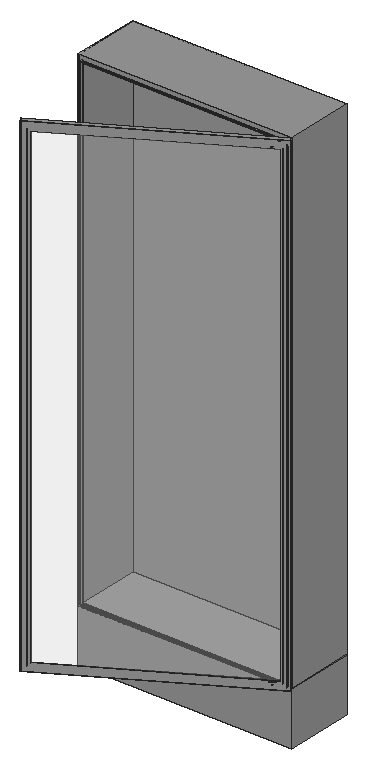
Revit family "Hager-Univers-IP55-D275-H2050-Cl.I-Steel_encl-NoHosted-CH-fr", category Electrical Equipment, Revit 2020
Family settings
  Panel Configuration = Two Columns, Circuits Across
  Round Connector Dimension = Use Diameter
  Part Type = Panelboard
  Work Plane-Based = Yes
  Always vertical = Yes
  Cut with Voids When Loaded = No
  Shared = No
  Room Calculation Point = No
Parameters (values of type "installation au sol IP55 L800 H2050 P275  - FR23K2")
  Width Control [instance] = if([EF000008 - largeur] > Min Width, [EF000008 - largeur], Min Width)  # 800 mm
  Type Comments = [HG000003 - Gamme]  # "Univers"
  Thickness Door [instance] = if([EF009171 - épaisseur de matériau de la porte/du couvercle] > 3 mm, 3 mm, [EF009171 - épaisseur de matériau de la porte/du couvercle])  # 1.5 mm
  Seal Frame Offset [instance] = 17 mm  # constant formula
  Plinth Visibility [instance] = [HG000027 - Hauteur du socle] > 0 mm  # yes
  Min Width [instance] = 100 mm  # constant formula
  Min Depth [instance] = (2 * [EF009170 - épaisseur de matériau du boîtier]) + 1 mm  # 4 mm
  Min Height [instance] = 100 mm  # constant formula
  Internal Frame Depth [instance] = (Door System Depth * 0.5)  # 9 mm
  Panel Name [instance] = ""  # (empty or 0)
  Model = ""
  HG000027 - Hauteur du socle = 200 mm
  HG000026 - Installation au sol = yes
  HG000024 - Hauteur de la section basse = 600 mm
  HG000023 - Armoire double section = no
  HG000016 - Visibilité de la porte 3D [instance] = yes
  HG000015 - Visibilité de l'emprise de la porte [instance] = no
  HG000014 - Porte à droite [instance] = yes
  HG000013 - Porte à gauche [instance] = not([HG000014 - Porte à droite])  # no
  HG000012 - Angle de pivotement de la porte [instance] = 30.00°
  HG000010 - Portes asymétriques = no
  HG000009 - Porte à double battant = no
  HG000006 - Encastré = no
  HG000004 - Référence fabricant = "FR23K2"
  HG000003 - Gamme = "Univers"
  HG000002 - avec porte = yes
  Frame Offset Bottom [instance] = 10 mm  # constant formula
  Frame Offset [instance] = 15 mm  # constant formula
  EF015940 - couvercle avec décharge de pression = no
  EF011959 - degré de protection (NEMA) = ""
  EF009554 - nombre d'ouvertures pour plaques à bride = 6
  EF009212 - finition du couvercle = "EV000116 - fermé"
  EF009171 - épaisseur de matériau de la porte/du couvercle = 1.5 mm
  EF009170 - épaisseur de matériau du boîtier = 1.5 mm
  EF008873 - courant nominal (In) = 800 A
  EF007800 - adapté à un parafoudre = no
  EF006306 - avec serrure = no
  EF006244 - couvercle/porte transparent(e) = yes
  EF005474 - indice de protection (IP) = "EV006420 - IP55"
  EF004464 - type de porte = "EV002646 - unique"
  EF004427 - nombre de modules = 432
  EF004293 - indice de protection contre les chocs (IK) = "EV008784 - IK10"
  EF003532 - convient pour utilisation à l’extérieur = no
  EF002950 - largeur en nombre de modules = 24
  EF001613 - maintien de fonction = "EV000494 - sans"
  EF001596 - matériau du boîtier/corps = "EV000179 - acier"
  EF001131 - profondeur intérieure = 275 mm
  EF001088 - possibilité de montage en saillie = yes
  EF000437 - nombre d'entrées de conduit = 6
  EF000339 - type de capot = "EV004216 - porte"
  EF000266 - nombre de rangées = 12
  EF000218 - profondeur d'encastrement = 0 mm
  EF000118 - avec cadre/support de montage = no
  EF000116 - numéro RAL = "7035"
  EF000049 - profondeur = 275 mm
  EF000040 - hauteur = 2050 mm
  EF000008 - largeur = 800 mm
  EF000007 - couleur = "EV000270 - gris"
  EF000003 - mode de pose = "EV012274 - installation au sol"
  Door System Leaf Tolerance [instance] = 1.5 mm  # constant formula
  Door System Depth [instance] = 18 mm  # constant formula
  Door Height [instance] = Height Control - [HG000027 - Hauteur du socle]  # 1850 mm
  Description = ""
  Default Elevation = 1219.2 mm
  Connector Offset [instance] = Height Control / 2  # 1025 mm
  Manufacturer = "Hager"  # constant formula
  Height Control [instance] = if([EF000040 - hauteur] > Min Height, [EF000040 - hauteur], Min Height)  # 2050 mm
  Depth Control [instance] = if([EF000049 - profondeur] > Min Depth, [EF000049 - profondeur], Min Depth)  # 275 mm
  Bottom Top Plate Trim [instance] = 1.5 mm  # constant formula
  Plinth height Ctrl [instance] = if([HG000027 - Hauteur du socle] > 0 mm, [HG000027 - Hauteur du socle], 12 mm)  # 200 mm
Types (11, lengths in mm): name | Width Control | HG000010 - Portes asymétriques | HG000009 - Porte à double battant | HG000004 - Référence fabricant | EF009554 - nombre d'ouvertures pour plaques à bride | EF006244 - couvercle/porte transparent(e) | EF004464 - type de porte | EF004427 - nombre de modules | EF000437 - nombre d'entrées de conduit | EF000008 - largeur
  installation au sol IP55 L1050 H2050 P275  - FR24E2 | 1050 | yes | yes | "FR24E2" | 8 | no | "EV003602 - double" | 576 | 8 | 1050
  installation au sol IP55 L1050 H2050 P275  - FR24K2 | 1050 | yes | yes | "FR24K2" | 8 | yes | "EV003602 - double" | 576 | 8 | 1050
  installation au sol IP55 L1300 H2050 P275  - FR25E2 | 1300 | yes | yes | "FR25E2" | 10 | no | "EV003602 - double" | 720 | 10 | 1300
  installation au sol IP55 L1300 H2050 P275  - FR25K2 | 1300 | yes | yes | "FR25K2" | 10 | yes | "EV003602 - double" | 720 | 10 | 1300
  installation au sol IP55 L1550 H2050 P275  - FR26E2 | 1550 | yes | yes | "FR26E2" | 12 | no | "EV003602 - double" | 864 | 12 | 1550
  installation au sol IP55 L1550 H2050 P275  - FR26K2 | 1550 | yes | yes | "FR26K2" | 12 | yes | "EV003602 - double" | 864 | 12 | 1550
  installation au sol IP55 L300 H2050 P275  - FR21E2 | 300 | no | no | "FR21E2" | 2 | no | "EV002646 - unique" | 144 | 2 | 300
  installation au sol IP55 L550 H2050 P275  - FR22E2 | 550 | no | no | "FR22E2" | 4 | no | "EV002646 - unique" | 288 | 4 | 550
  installation au sol IP55 L550 H2050 P275  - FR22K2 | 550 | no | no | "FR22K2" | 4 | yes | "EV002646 - unique" | 288 | 4 | 550
  installation au sol IP55 L800 H2050 P275  - FR23E2 | 800 | no | no | "FR23E2" | 6 | no | "EV002646 - unique" | 432 | 6 | 800
  installation au sol IP55 L800 H2050 P275  - FR23K2 | 800 | no | no | "FR23K2" | 6 | yes | "EV002646 - unique" | 432 | 6 | 800
Reference planes
  plane 1 "Center (Front/Back)": y = 0
  plane 2: z = 0
  plane 3 "Center (Left/Right)": x = 0
  plane 4: y = 0
  plane 5: y = 0
  plane 6: z = 0
  plane 7: x = -400
  plane 8: x = 400
  plane 9: x = 398.5
  plane 10: x = -398.5
  plane 11: z = 200
  plane 12: z = 201.5
  plane 13: y = -275
  plane 14: y = -1.5
  plane 15: x = 0
  plane 16: y = -257
  plane 17: y = -273.5
  plane 18: y = -255.5
  plane 19: x = -383.5
  plane 20: x = 383.5
  plane 21: z = 211.5
  plane 22: x = -383
  plane 23: x = 383
  plane 24: z = 200
  plane 25: z = 2050
  plane 26: z = 2050
  plane 27: z = 2033.5
  plane 28: z = 2048.5
Forms (mm)
  Extrusion 1, solid, material "Hager_Steel_RAL7035_Light_Grey", detail levels medium+fine
    sketch origin (-208.679, -4572, 200) x (-1, 0, 0) y (0, -1, 0)
      loop
        line (191.321, -4315) -> (-608.679, -4315) -> (-608.679, -4572) -> (191.321, -4572) -> (191.321, -4315)
    from 0 to 1850
  Extrusion 2, void
    sketch origin (-350.771, -275, 1219.2) x (1, 0, 0) y (0, 0, 1)
      loop
        line (-47.729, 829.3) -> (-47.729, -1017.7) -> (749.271, -1017.7) -> (749.271, 829.3) -> (-47.729, 829.3)
    from -19.5 to -273.5
  Extrusion 3, void
    sketch origin (-290.084, -257, 1219.2) x (1, 0, 0) y (0, 0, 1)
      loop
        line (-93.416, -1007.7) -> (673.584, -1007.7) -> (673.584, 814.3) -> (-93.416, 814.3) -> (-93.416, -1007.7)
    from 0 to -1.5
  Extrusion 4, solid, material "Hager_Steel_RAL7035_Light_Grey", visible <- "Plinth Visibility", detail levels medium+fine
    sketch origin (0, 0, 0) x (1, 0, 0) y (0, 1, 0)
      loop
        line (-400, 0) -> (-400, -257) -> (400, -257) -> (400, 0) -> (-400, 0)
    from 0 to 200 <- "Plinth height Ctrl"
  Extrusion 5, solid, material "Hager_Steel_RAL7035_Light_Grey", detail levels coarse
    sketch origin (0, 0, 0) x (1, 0, 0) y (0, 1, 0)
      loop
        line (-400, 0) -> (-400, -275) -> (400, -275) -> (400, 0) -> (-400, 0)
    from 0 to 2050 <- "Height Control"
  Sweep 6, void
    path in 3D
      loop
        line (-400, -257, 200) -> (400, -257, 200) -> (400, 0, 200) -> (-400, 0, 200) -> (-400, -257, 200)
    profile origin (-400, -128.5, 200) x (1, 0, 0) y (0, 0, 1)
      loop
        line (0, 0) -> (0, -1.5) -> (1.5, -1.5)
        arc (1.5, -1.5) -> (1.061, -0.439) -> (0, 0) r 1.5
  Extrusion 7, solid, material "Hager_Steel_RAL7035_Light_Grey", detail levels fine
    sketch origin (-400, -257, 200) x (1, 0, 0) y (0, 0, 1)
      loop
        line (16.5, 11.5) -> (783.5, 11.5) -> (783.5, 1833.5) -> (16.5, 1833.5) -> (16.5, 11.5)
      loop
        line (15, 10) -> (785, 10) -> (785, 1835) -> (15, 1835) -> (15, 10)
    from 0 to 9 <- "Internal Frame Depth"
Cuts and joins
  Extrusion 2, Extrusion 3 cuts Extrusion 1
  Sweep 6 cuts Extrusion 4
Lines and regions (mm)
  Masking region 1
    outline origin (0, 0, 0) x (1, 0, 0) y (0, 1, 0)
      loop
        line (-400, 0) -> (-400, -275) -> (400, -275) -> (400, 0) -> (-400, 0)
  Masking region 2, detail levels coarse
    outline origin (-290.084, -257, 1219.2) x (-1, 0, 0) y (0, 0, 1)
      loop
        line (-690.084, -1219.2) -> (109.916, -1219.2) -> (109.916, 830.8) -> (-690.084, 830.8) -> (-690.084, -1219.2)
  Masking region 3, detail levels coarse
    outline origin (0, 0, 0) x (0, 1, 0) y (0, 0, 1)
      loop
        line (0, 0) -> (0, 2050) -> (-275, 2050) -> (-275, 0) -> (0, 0)
  Masking region 4, visible <- "Plinth Visibility", detail levels medium+fine
    outline origin (0, 0, 0) x (0, 1, 0) y (0, 0, 1)
      loop
        line (-1.5, 200) -> (-255.5, 200)
        arc (-255.5, 200) -> (-255.939, 198.939) -> (-257, 198.5) r 1.5
        line (-257, 198.5) -> (-257, 0) -> (0, 0) -> (0, 198.5)
        arc (0, 198.5) -> (-1.061, 198.939) -> (-1.5, 200) r 1.5
  Masking region 5, detail levels medium+fine
    outline origin (0, 0, 594.038) x (0, 1, 0) y (0, 0, 1)
      loop
        line (0, -394.038) -> (0, 1455.962) -> (-257, 1455.962) -> (-257, -394.038) -> (0, -394.038)
  Masking region 6, detail levels medium+fine
    outline origin (-359.7, -257, 1211.883) x (-1, 0, 0) y (0, 0, 1)
      loop
        line (-759.7, -1011.883) -> (40.3, -1011.883) -> (40.3, 838.117) -> (-759.7, 838.117) -> (-759.7, -1011.883)
  Masking region 7, visible <- "Plinth Visibility", detail levels medium+fine
    outline origin (-320.334, -257, 1041.368) x (-1, 0, 0) y (0, 0, 1)
      loop
        line (-720.334, -1041.368) -> (79.666, -1041.368) -> (79.666, -842.868)
        arc (79.666, -842.868) -> (78.606, -842.429) -> (78.166, -841.368) r 1.5
        line (78.166, -841.368) -> (-718.834, -841.368)
        arc (-718.834, -841.368) -> (-719.273, -842.429) -> (-720.334, -842.868) r 1.5
        line (-720.334, -842.868) -> (-720.334, -1041.368)
  sketch lines
    curve 1: line (-400, 0, 200) -> (-400, -257, 200)
    curve 2: line (-400, -257, 200) -> (400, -257, 200)
    curve 3: line (400, 0, 200) -> (-400, 0, 200)
    curve 4: line (400, -257, 200) -> (400, 0, 200)
Dimensions and locks
  locked: plane 1 "Center (Front/Back)" to plane 5
  "EF009170 - épaisseur de matériau du boîtier": plane 7 to plane 10
  "EF009170 - épaisseur de matériau du boîtier": plane 8 to plane 9
  equal spacing: plane 7, plane 3 "Center (Left/Right)", plane 8
  "Width Control": plane 7 to plane 8
  "Depth Control": plane 4 to plane 13
  "EF009170 - épaisseur de matériau du boîtier": plane 4 to plane 14
  "Height Control": plane 25 to level
  "HG000027 - Hauteur du socle": plane 11 to level
  "EF009170 - épaisseur de matériau du boîtier": plane 12 to plane 11
  "EF009170 - épaisseur de matériau du boîtier": plane 17 to plane 13
  "EF009170 - épaisseur de matériau du boîtier": plane 18 to plane 16
  "Frame Offset Bottom": plane 21 to plane 12
  "Frame Offset": plane 10 to plane 19
  "Frame Offset": plane 9 to plane 20
  "Door System Depth": plane 16 to plane 13
  "Seal Frame Offset": plane 7 to plane 22
  "Seal Frame Offset": plane 8 to plane 23
  "EF009170 - épaisseur de matériau du boîtier": plane 26 to plane 28
  "Frame Offset": plane 28 to plane 27
  "Connector Offset": plane 2 to connector elem
  "Bottom Top Plate Trim": profile plane to Sweep 6 sketch curve
  "Bottom Top Plate Trim": Sweep 6 sketch curve to Sweep 6 sketch curve
  "Plinth height Ctrl": Masking region 4 sketch curve to level
  "Plinth height Ctrl": Masking region 7 sketch curve to level
  "Thickness Door": Extrusion 7 sketch curve to Extrusion 7 sketch curve  (x4)
  "Bottom Top Plate Trim": radius of Sweep 6 sketch curve
  "Bottom Top Plate Trim": radius of Masking region 4 sketch curve  (x2)
  "Bottom Top Plate Trim": radius of Masking region 7 sketch curve  (x2)
  aligned and locked: Extrusion 2 sketch curve to plane 12
  aligned and locked: Extrusion 2 sketch curve to plane 9
  aligned and locked: Extrusion 2 sketch curve to plane 10
  aligned and locked: Extrusion 2 to plane 14
  aligned and locked: Extrusion 1 sketch curve to plane 4
  aligned and locked: plane 8 to Extrusion 1 sketch curve
  aligned and locked: plane 7 to Extrusion 1 sketch curve
  aligned and locked: Extrusion 2 to plane 18
  aligned and locked: Extrusion 3 sketch curve to plane 19
  aligned and locked: plane 20 to Extrusion 3 sketch curve
  aligned and locked: Extrusion 3 to Extrusion 2
  aligned and locked: Extrusion 3 sketch curve to plane 21
  aligned and locked: plane 3 "Center (Left/Right)" to nested 1
  aligned and locked: Extrusion 1 sketch curve to plane 16
  aligned and locked: Extrusion 4 sketch curve to cut or joined group of Extrusion 1, Extrusion 2, Extrusion 3
  aligned and locked: Masking region 1 sketch curve to plane 7
  aligned and locked: Masking region 1 sketch curve to plane 5
  aligned and locked: Masking region 1 sketch curve to plane 8
  aligned and locked: Masking region 2 sketch curve to level
  aligned and locked: level to Masking region 3 sketch curve
  aligned and locked: plane 1 "Center (Front/Back)" to Masking region 3 sketch curve
  aligned and locked: plane 13 to Masking region 3 sketch curve
  aligned and locked: plane 5 to Masking region 4 sketch curve
  aligned and locked: Masking region 2 sketch curve to plane 8
  aligned and locked: Masking region 2 sketch curve to plane 7
  aligned and locked: plane 7 to nested 2
  aligned and locked: nested 2 to plane 5
  aligned and locked: plane 5 to Masking region 5 sketch curve
  aligned and locked: plane 26 to Masking region 5 sketch curve
  aligned and locked: Extrusion 5 sketch curve to plane 8
  aligned and locked: Extrusion 5 sketch curve to plane 7
  aligned and locked: Extrusion 5 sketch curve to plane 5
  aligned and locked: Extrusion 3 sketch curve to plane 27
  aligned and locked: Extrusion 2 sketch curve to plane 28
  aligned and locked: Masking region 2 to plane 25
  aligned and locked: Extrusion 4 to plane 16
  aligned and locked: profile plane to Sweep 6 sketch curve
  aligned and locked: Masking region 5 sketch curve to plane 24
  aligned and locked: level to Masking region 4 sketch curve
  aligned and locked: Masking region 1 to plane 13
  aligned and locked: nested 1 to plane 16
  aligned and locked: Masking region 3 to plane 25
  aligned and locked: plane 16 to Masking region 4 sketch curve
  aligned and locked: Masking region 5 sketch curve to plane 16
  aligned and locked: plane 24 to plane 11
  aligned and locked: plane 26 to plane 25
  aligned and locked: plane 26 to cut or joined group of Extrusion 1, Extrusion 2, Extrusion 3
  aligned and locked: nested 1 to plane 24
  aligned and locked: Extrusion 1 to Extrusion 3
  aligned and locked: Masking region 6 sketch curve to plane 8
  aligned and locked: Masking region 6 sketch curve to plane 24
  aligned and locked: Masking region 6 sketch curve to plane 7
  aligned and locked: Masking region 6 sketch curve to plane 26
  aligned and locked: Masking region 7 sketch curve to plane 7
  aligned and locked: level to Masking region 7 sketch curve
  aligned and locked: Masking region 7 sketch curve to plane 8
  aligned and locked: Extrusion 7 sketch curve to cut or joined group of Extrusion 1, Extrusion 2, Extrusion 3  (x4)
Automatic sketch dimensions
  plane 19 to Extrusion 3 sketch curve = 0 mm
  Extrusion 3 sketch curve to plane 20 = 0 mm
  Extrusion 3 sketch curve to plane 21 = 0 mm
  Extrusion 4 sketch curve to plane 7 = 0 mm
  Extrusion 4 sketch curve to plane 8 = 0 mm
  Extrusion 4 sketch curve to plane 16 = 0 mm
  Masking region 1 sketch curve to plane 13 = 0 mm
  Masking region 2 sketch curve to plane 25 = 0 mm
  Masking region 3 sketch curve to plane 25 = 0 mm
  Extrusion 5 sketch curve to plane 13 = 0 mm
  profile plane to Sweep 6 sketch curve = 0 mm
Nested families
  nested 1: "EC000058_Univers_Door" at (0, -257, 200), Double <- "HG000009 - Porte à double battant", Transparent <- "EF006244 - couvercle/porte transparent(e)", Angle <- "HG000012 - Angle de pivotement de la porte", Door_Right <- "HG000014 - Porte à droite", Assymetrical <- "HG000010 - Portes asymétriques", Door <- "HG000002 - avec porte", Width_Ctrl <- "Width Control", 3d_Door <- "HG000016 - Visibilité de la porte 3D", Clearance <- "HG000015 - Visibilité de l'emprise de la porte", Door_Left <- "HG000013 - Porte à gauche", Width <- "Width Control", Door_Depth <- "Door System Depth", Leaf_Tolerance <- "Door System Leaf Tolerance", Height <- "Door Height", Lock_Visibility <- "EF006306 - avec serrure", Thickness <- "Thickness Door", type "EC000058_Univers_Door", detail levels medium+fine
    with min_wh 4 mm, Width_Ctrl 800 mm, Width 800 mm, Transparent yes, Thickness 1.5 mm, Seal_Material Hager_Rubber, Lock_Visibility no, Lock_Material Hager_Plastic_RAL9005_Jet_Black, Leaf_Width 800 mm, Leaf_Tolerance_External_Sides 0 mm, Leaf_Tolerance 1.5 mm, Leaf_Offset 0 mm, Leaf_Height 1847 mm, Leaf_2_Width 800 mm, Leaf_2_Offset 400 mm, Leaf_1_Width 800 mm, Leaf_1_Offset 400 mm, Height_Ctrl 1850 mm, Height 1850 mm, Glass_Material Hager_Glass, Double_Clearance_Ctrl no, Double no, Door_Right_Ctrl yes, Door_Right yes, Door_Material Hager_Steel_RAL7035_Light_Grey, Door_Left_Ctrl no, Door_Left no, Door_Depth 18 mm, Door yes, Clearance_Material Hager_Clearance, Clearance_Depth 800 mm, Clearance_Ctrl no, Clearance no, Assymetrical no, Angle 30.00°, 3d_Door yes
  nested 2: "Hager_Enclosure_Symbol" at (-400, 0, 0), Height <- "Depth Control", Width <- "Width Control", type "Hager_Enclosure_Symbol"
    with Width_Ctrl 800 mm, Width 800 mm, Height_Ctrl 275 mm, Height 275 mm, A_Width_Int 18.047 mm, A_Width 216.562 mm, A_Height_Ctrl 240.625 mm, A_Height 240.625 mm
Connectors
  electrical at (0, 0, 1025)
    settings: on plane 1 "Center (Front/Back)", index 1, voltage 0 V, apparent load 0 VA, apparent load phase1 0 VA, apparent load phase2 0 VA, apparent load phase3 0 VA, power factor 1, load classification "Other", number of poles 1, system type 30, power factor state 1, is connector primary yes, connector utility no, sub classification motor no, connector description ""
Definition of nested family "EC000058_Univers_Door"
  Parameters (values of type "EC000058_Univers_Door")
    min_wh [instance] = (2 * Thickness) + 1 mm  # 11 mm
    Width_Ctrl [instance] = 400 mm
    Width [instance] = 500 mm
    Transparent [instance] = yes
    Thickness [instance] = 5 mm
    Seal_Material [instance] = none
    Lock_Visibility [instance] = yes
    Lock_Material [instance] = none
    Leaf_Width [instance] = if((Width_Ctrl - 2 * Leaf_Tolerance_External_Sides) > 0 mm, (Width_Ctrl - 2 * Leaf_Tolerance_External_Sides), min_wh)  # 400 mm
    Leaf_Tolerance_External_Sides [instance] = 0 mm  # constant formula
    Leaf_Tolerance [instance] = 1.5 mm
    Leaf_Offset [instance] = 0 mm  # constant formula
    Leaf_Height [instance] = if((Height_Ctrl - 2 * Leaf_Tolerance) > 0 mm, (Height_Ctrl - 2 * Leaf_Tolerance), min_wh)  # 497 mm
    Leaf_2_Width [instance] = if(and(and(Double, Assymetrical), Door_Left), (Leaf_Width / 3) - (Leaf_Tolerance / 2), if(and(and(Double, Assymetrical), Door_Right), (Leaf_Width / 3) * 2 - (Leaf_Tolerance / 2), if(and(Double, not(Assymetrical)), (Leaf_Width / 2) - Leaf_Tolerance, Leaf_Width)))  # 400 mm
    Leaf_2_Offset [instance] = if(and(Double, Assymetrical), Leaf_2_Width / 2, if(and(Double, not(Assymetrical)), Leaf_Width / 4, Leaf_Width / 2))  # 200 mm
    Leaf_1_Width [instance] = if(and(and(Double, Assymetrical), Door_Right), (Leaf_Width / 3) - (Leaf_Tolerance / 2), if(and(and(Double, Assymetrical), Door_Left), (Width / 3) * 2 - (Leaf_Tolerance / 2), if(and(Double, not(Assymetrical)), (Leaf_Width / 2) - Leaf_Tolerance, Leaf_Width)))  # 400 mm
    Leaf_1_Offset [instance] = if(and(Double, Assymetrical), Leaf_1_Width / 2, if(and(Double, not(Assymetrical)), Leaf_Width / 4, Leaf_Width / 2))  # 200 mm
    Height_Ctrl [instance] = if(Height > min_wh, Height, min_wh)  # 500 mm
    Height [instance] = 500 mm
    Glass_Material [instance] = none
    Double_Clearance_Ctrl [instance] = and(Double, Clearance)  # no
    Double [instance] = no
    Door_Right_Ctrl [instance] = and(or(Door_Right, Double), Door)  # yes
    Door_Right [instance] = yes
    Door_Material [instance] = none
    Door_Left_Ctrl [instance] = and(or(Door_Left, Double), Door)  # no
    Door_Left [instance] = no
    Door_Depth [instance] = 30 mm
    Door [instance] = yes
    Default Elevation = 1219.2 mm
    Clearance_Material [instance] = none
    Clearance_Depth [instance] = if(Leaf_1_Width > Leaf_2_Width, Leaf_1_Width, Leaf_2_Width)  # 400 mm
    Clearance_Ctrl [instance] = and(not(Double), Clearance)  # yes
    Clearance [instance] = yes
    Assymetrical [instance] = yes
    Angle [instance] = 30.00°
    3d_Door [instance] = yes
  Reference planes
    plane 1 "Center (Front/Back)": y = 0
    plane 2 "Bottom": z = 0
    plane 3 "Center (Left/Right)": x = 0
    plane 4: z = 500
    plane 5: x = -200
    plane 6: x = 200
    plane 7: z = 500
    plane 8: x = -200
    plane 9: z = 0
    plane 10: x = 200
    plane 11: y = 0
    plane 12: z = 1.5
    plane 13: x = -600
    plane 14: y = -400
    plane 15: x = 600
    plane 16: x = 0
    plane 17: x = 0
    plane 18: x = -200
    plane 19: x = 200
    plane 20: z = 498.5
  Forms (mm)
    Extrusion 1, solid, material <- "Clearance_Material", visible <- "Double_Clearance_Ctrl"
      sketch origin (1200, 0, 0) x (1, 0, 0) y (0, 0, -1)
        loop
          line (-1800, -498.5) -> (-600, -498.5) -> (-600, 0) -> (-1800, 0) -> (-1800, -498.5)
      from 0 to -400
  Dimensions and locks
    equal spacing: plane 5, plane 3 "Center (Left/Right)", plane 6
    "Width_Ctrl": plane 5 to plane 6
    "Leaf_Offset": plane 5 to plane 8
    "Leaf_Offset": plane 6 to plane 10
    "Leaf_Offset": plane 9 to level
    "Leaf_Offset": plane 4 to plane 7
    "Height_Ctrl": plane 4 to level
    "Leaf_Tolerance": plane 12 to plane 9
    locked: plane 11 to plane 1 "Center (Front/Back)"
    "Leaf_1_Offset": plane 18 to plane 16
    "Leaf_2_Offset": plane 17 to plane 19
    "Leaf_1_Width": plane 13 to plane 8
    "Leaf_2_Width": plane 10 to plane 15
    "Clearance_Depth": plane 14 to plane 1 "Center (Front/Back)"
    "Leaf_Tolerance_External_Sides": plane 8 to plane 18
    "Leaf_Tolerance_External_Sides": plane 19 to plane 10
    "Leaf_Tolerance": plane 7 to plane 20
    aligned and locked: level to plane 2 "Bottom"
    aligned and locked: nested 1 to plane 16
    aligned and locked: nested 2 to plane 17
    aligned and locked: Extrusion 1 to plane 13
    aligned and locked: plane 15 to Extrusion 1
    aligned and locked: Extrusion 1 to plane 14
    aligned and locked: plane 12 to nested 1
    aligned and locked: nested 2 to plane 12
    aligned and locked: Extrusion 1 to plane 11
    aligned and locked: plane 20 to Extrusion 1
    aligned and locked: nested 2 to plane 11
    aligned and locked: nested 1 to plane 11
  Automatic sketch dimensions
    Extrusion 1 sketch curve to level = 0 mm
    plane 5 to Extrusion 1 sketch curve = 400 mm
    plane 6 to Extrusion 1 sketch curve = 400 mm
    Extrusion 1 sketch curve to plane 4 = 1.5 mm
  Nested families
    nested 1: "EC000058_Univers_Door_Leaf" at (0, 0, 1.5), Width <- "Leaf_1_Width", visible <- "Door_Left_Ctrl", Leaf_Height <- "Leaf_Height", Angle <- "Angle", 3d_Door <- "3d_Door", Transparent <- "Transparent", Clearance Material <- "Clearance_Material", Clearance <- "Clearance_Ctrl", Door_Material <- "Door_Material", Glass_Material <- "Glass_Material", Door_Depth <- "Door_Depth", Lock_Material <- "Lock_Material", Seal_Material <- "Seal_Material", Lock_Visibility <- "Lock_Visibility", Thickness <- "Thickness", type "EC000058_Univers_Door_Leaf"
      with Width 400 mm, Transparent_Glass_Offset 30 mm, Transparent_Ctrl yes, Transparent yes, Thickness 5 mm, Standard no, Seal_Material none, Seal_D2 8 mm, Seal_D1 1 mm, Offset_Internal_Frame 10 mm, Lock_Width 20 mm, Lock_Visibility_3d yes, Lock_Visibility yes, Lock_Thickness_3 3 mm, Lock_Thickness_2 1 mm, Lock_Thickness_1 3 mm, Lock_Radius_Offset_2 16 mm, Lock_Radius_Offset_1 15 mm, Lock_Radius_2 5 mm, Lock_Radius 6 mm, Lock_Offset 5 mm, Lock_Material none, Lock_Height 80 mm, Lock_Cover_Top_Offset_2d 17 mm, Lock_Cover_Height -65 mm, Leaf_Height 497 mm, Internal_Seal_Thickness 8 mm, Internal_Seal_Depth_2 4.5 mm, Internal_Frame_Depth 25 mm, Glass_Thickness -1 mm, Glass_Offset -2 mm, Glass_Material none, Door_Material none, Door_Depth 30 mm, Clearance Material none, Clearance yes, Angle_Ctrl 30.00°, Angle 30.00°, 3d_Door yes
    nested 2: "EC000058_Univers_Door_Leaf" at (0, 0, 1.5) x (-1, 0, 0) z (0, 0, 1), Width <- "Leaf_2_Width", visible <- "Door_Right_Ctrl", Leaf_Height <- "Leaf_Height", Angle <- "Angle", 3d_Door <- "3d_Door", Transparent <- "Transparent", Clearance Material <- "Clearance_Material", Clearance <- "Clearance_Ctrl", Door_Material <- "Door_Material", Glass_Material <- "Glass_Material", Door_Depth <- "Door_Depth", Lock_Material <- "Lock_Material", Seal_Material <- "Seal_Material", Lock_Visibility <- "Lock_Visibility", Thickness <- "Thickness", type "EC000058_Univers_Door_Leaf"
      with Width 400 mm, Transparent_Glass_Offset 30 mm, Transparent_Ctrl yes, Transparent yes, Thickness 5 mm, Standard no, Seal_Material none, Seal_D2 8 mm, Seal_D1 1 mm, Offset_Internal_Frame 10 mm, Lock_Width 20 mm, Lock_Visibility_3d yes, Lock_Visibility yes, Lock_Thickness_3 3 mm, Lock_Thickness_2 1 mm, Lock_Thickness_1 3 mm, Lock_Radius_Offset_2 16 mm, Lock_Radius_Offset_1 15 mm, Lock_Radius_2 5 mm, Lock_Radius 6 mm, Lock_Offset 5 mm, Lock_Material none, Lock_Height 80 mm, Lock_Cover_Top_Offset_2d 17 mm, Lock_Cover_Height -65 mm, Leaf_Height 497 mm, Internal_Seal_Thickness 8 mm, Internal_Seal_Depth_2 4.5 mm, Internal_Frame_Depth 25 mm, Glass_Thickness -1 mm, Glass_Offset -2 mm, Glass_Material none, Door_Material none, Door_Depth 30 mm, Clearance Material none, Clearance yes, Angle_Ctrl 30.00°, Angle 30.00°, 3d_Door yes
  Definition of nested family "EC000058_Univers_Door_Leaf"
    Parameters (values of type "EC000058_Univers_Door_Leaf")
      Width [instance] = 2000 mm
      Transparent_Glass_Offset [instance] = 30 mm
      Transparent_Ctrl [instance] = and(Transparent, [3d_Door])  # yes
      Transparent [instance] = yes
      Thickness [instance] = 5 mm
      Standard [instance] = and(not(Transparent), [3d_Door])  # no
      Seal_Material [instance] = none
      Seal_D2 [instance] = 8 mm  # constant formula
      Seal_D1 [instance] = 1 mm  # constant formula
      Offset_Internal_Frame [instance] = 10 mm  # constant formula
      Lock_Width [instance] = 20 mm  # constant formula
      Lock_Visibility_3d [instance] = and(Lock_Visibility, [3d_Door])  # yes
      Lock_Visibility [instance] = yes
      Lock_Thickness_3 [instance] = 3 mm  # constant formula
      Lock_Thickness_2 [instance] = 1 mm  # constant formula
      Lock_Thickness_1 [instance] = 3 mm  # constant formula
      Lock_Radius_Offset_2 [instance] = Lock_Radius_Offset_1 + 1 mm  # 16 mm
      Lock_Radius_Offset_1 [instance] = 15 mm  # constant formula
      Lock_Radius_2 [instance] = Lock_Radius - 1 mm  # 5 mm
      Lock_Radius [instance] = 6 mm  # constant formula
      Lock_Offset [instance] = 5 mm  # constant formula
      Lock_Material [instance] = none
      Lock_Height [instance] = 80 mm  # constant formula
      Lock_Cover_Top_Offset_2d [instance] = Lock_Radius_Offset_2 + 1 mm  # 17 mm
      Lock_Cover_Height [instance] = -(Lock_Height - Lock_Radius_Offset_1)  # -65 mm
      Leaf_Height [instance] = 2720.336 mm
      Internal_Seal_Thickness [instance] = 8 mm  # constant formula
      Internal_Seal_Depth_2 [instance] = 4.5 mm  # constant formula
      Internal_Frame_Depth [instance] = if(Door_Depth - Thickness > 5 mm, Door_Depth - Thickness, 5 mm)  # 25 mm
      Glass_Thickness [instance] = if(Thickness > 15 mm, Glass_Offset + 10 mm, -1 mm)  # -1 mm
      Glass_Offset [instance] = if(Thickness > 15 mm, -(Thickness + 10 mm) / 2, -2 mm)  # -2 mm
      Glass_Material [instance] = none
      Door_Material [instance] = none
      Door_Depth [instance] = 30 mm
      Default Elevation = 0 mm
      Clearance Material [instance] = none
      Clearance [instance] = yes
      Angle_Ctrl [instance] = if(Angle > 180.00°, 180.00°, Angle)  # 90.00°
      Angle [instance] = 90.00°
      3d_Door [instance] = yes
    Reference planes
      plane 1 "Center (Front/Back)": y = 0
      plane 2: z = 0
      plane 3 "Center (Left/Right)": x = 0
      plane 4: y = 2000
      plane 5: x = -1000
      plane 6: x = 1000
      plane 7: x = -3000
      plane 8: z = 2720.336
      plane 9: z = 30
      plane 10: z = 2690.336
      plane 11: x = 970
      plane 12: x = -970
      plane 13: y = -3
      plane 14: z = 107.833
      plane 15: y = -5
      plane 16: y = -223.314
      plane 17: x = -1000
      plane 18: z = 1360.168
      plane 19: y = 30
    Forms (mm)
      Extrusion 1, solid, material <- "Clearance Material", visible <- "Clearance"
        sketch origin (0, 0, 0) x (1, 0, 0) y (0, 0, 1)
          loop
            line (-3000, 2720.336) -> (-3000, 0) -> (1000, 0) -> (1000, 2720.336) -> (-3000, 2720.336)
        from 0 to -2000
      Extrusion 2, solid, material <- "Door_Material", visible <- "Standard", detail levels medium+fine
        sketch origin (-1000, 0, 0) x (0, 1, 0) y (-1, 0, 0)
          loop
            line (0, 30) -> (0, 25) -> (2000, 25) -> (2000, 30) -> (0, 30)
        from 0 to 2720.336 <- "Leaf_Height"
      Extrusion 3, solid, material <- "Door_Material", visible <- "Transparent_Ctrl", detail levels medium+fine
        sketch origin (-1000, 0, 0) x (0, 1, 0) y (-1, 0, 0)
          loop
            line (0, 25) -> (2000, 25) -> (2000, 30) -> (0, 30) -> (0, 25)
        from 0 to 2720.336 <- "Leaf_Height"
      Extrusion 4, void
        sketch origin (-1025, 2000, 0) x (0, 1, 0) y (0, 0, -1)
          loop
            line (-30, -2690.336) -> (-30, -30) -> (-1970, -30) -> (-1970, -2690.336) -> (-30, -2690.336)
        from 0 to 5 <- "Thickness"
      Sweep 5, solid, material <- "Seal_Material", visible <- "Transparent_Ctrl", detail levels fine
        path in 3D
          loop
            line (-1025, 30, 30) -> (-1025, 30, 2690.336) -> (-1025, 1970, 2690.336) -> (-1025, 1970, 30) -> (-1025, 30, 30)
        profile origin (-1025, 1000, 30) x (1, 0, 0) y (0, 0, 1)
          loop
            line (0, 0) -> (0, -8) -> (1, -8) -> (1, 0) -> (0, 0)
      Extrusion 6, solid, material <- "Glass_Material", visible <- "Transparent_Ctrl", detail levels medium+fine
        sketch origin (-1030, 0, 0) x (0, 1, 0) y (0, 0, -1)
          loop
            line (1970, -2690.336) -> (1970, -30) -> (30, -30) -> (30, -2690.336) -> (1970, -2690.336)
        from -2 <- "Glass_Offset" to -1 <- "Glass_Thickness"
      Extrusion 7, solid, material <- "Door_Material", visible <- "3d_Door", detail levels medium+fine
        sketch origin (-1025, 2000, 0) x (0, -1, 0) y (0, 0, -1)
          loop
            line (0, -2720.336) -> (2000, -2720.336) -> (2000, 0) -> (0, 0) -> (0, -2720.336)
          loop
            line (1995, -5) -> (5, -5) -> (5, -2715.336) -> (1995, -2715.336) -> (1995, -5)
        from 0 to 25 <- "Internal_Frame_Depth"
      Sweep 8, solid, material <- "Seal_Material", visible <- "Transparent_Ctrl", detail levels fine
        path in 3D
          loop
            line (-1025, 0, 0) -> (-1025, 2000, 0) -> (-1025, 2000, 2720.336) -> (-1025, 0, 2720.336) -> (-1025, 0, 0)
        profile origin (-1025, 0, 1360.168) x (1, 0, 0) y (0, 1, 0)
          loop
            line (0, 10) -> (2.975, 10)
            arc (2.975, 10) -> (4.053, 10.447) -> (4.5, 11.525) r 1.525
            line (4.5, 11.525) -> (4.5, 16.527)
            arc (4.5, 16.527) -> (4.069, 17.569) -> (3.027, 18) r 1.473
            line (3.027, 18) -> (0, 18) -> (0, 10)
      Extrusion 9, solid, material <- "Lock_Material", visible <- "Lock_Visibility_3d", detail levels fine
        sketch origin (-1030, 0, 0) x (0, 1, 0) y (0, 0, -1)
          loop
            arc (1993.5, -1400.168) -> (1994.561, -1399.729) -> (1995, -1398.668) r 1.5
            line (1995, -1398.668) -> (1995, -1320.168) -> (1975, -1320.168) -> (1975, -1398.668)
            arc (1975, -1398.668) -> (1975.439, -1399.729) -> (1976.5, -1400.168) r 1.5
            line (1976.5, -1400.168) -> (1993.5, -1400.168)
        from 3 <- "Lock_Thickness_1" to 0
      Blend 10, solid, material <- "Lock_Material", visible <- "Lock_Visibility_3d", detail levels fine
        base sketch origin (-1033, 0, 0) x (0, 1, 0) y (0, 0, -1)
          loop
            line (1975, -1320.168) -> (1975, -1398.668)
            arc (1975, -1398.668) -> (1975.439, -1399.729) -> (1976.5, -1400.168) r 1.5
            line (1976.5, -1400.168) -> (1993.5, -1400.168)
            arc (1993.5, -1400.168) -> (1994.561, -1399.729) -> (1995, -1398.668) r 1.5
            line (1995, -1398.668) -> (1995, -1320.168) -> (1975, -1320.168)
        top sketch origin (-1033, 0, 0) x (0, 1, 0) y (0, 0, -1)
          loop
            line (1976, -1320.168) -> (1976, -1398.668)
            arc (1976, -1398.668) -> (1976.146, -1399.022) -> (1976.5, -1399.168) r 0.5
            line (1976.5, -1399.168) -> (1993.5, -1399.168)
            arc (1993.5, -1399.168) -> (1993.854, -1399.022) -> (1994, -1398.668) r 0.5
            line (1994, -1398.668) -> (1994, -1320.168) -> (1976, -1320.168)
        from 0 to 1 <- "Lock_Thickness_2"
      Blend 11, solid, material <- "Lock_Material", visible <- "Lock_Visibility_3d", detail levels fine
        base sketch origin (-1034, 0, 0) x (0, 1, 0) y (0, 0, -1)
          loop
            line (1978, -1320.168) -> (1978, -1384.168)
            arc (1978, -1384.168) -> (1985, -1391.168) -> (1992, -1384.168) r 7
            line (1992, -1384.168) -> (1992, -1320.168) -> (1978, -1320.168)
        top sketch origin (-1034, 0, 0) x (0, 1, 0) y (0, 0, -1)
          loop
            line (1991, -1320.168) -> (1979, -1320.168) -> (1979, -1383.168)
            arc (1979, -1383.168) -> (1985, -1389.168) -> (1991, -1383.168) r 6
            line (1991, -1383.168) -> (1991, -1320.168)
        from 0 to 3 <- "Lock_Thickness_3"
      Extrusion 12, solid, material <- "Lock_Material", visible <- "Lock_Visibility_3d", detail levels fine
        sketch origin (-1030, 1975, 1320.168) x (1, 0, 0) y (0, -1, 0)
          loop
            line (-7, -19) -> (-7, -1) -> (0, -1) -> (0, 0) -> (-8, 0) -> (-8, -20) -> (0, -20) -> (0, -19) -> (-7, -19)
        from 0 to -65 <- "Lock_Cover_Height"
      Extrusion 13, void
        sketch origin (-1038, 1995, 1320.168) x (-1, 0, 0) y (0, 0, -1)
          loop
            line (-5, -65) -> (0, -65) -> (-5, -60) -> (-5, -65)
        from 0 to 20 <- "Lock_Width"
      Extrusion 14, void
        sketch origin (-1038, 1975, 1320.168) x (0, -1, 0) y (0, 0, -1)
          loop
            circle (-10, -15.995) r 6
          loop
            circle (-10, -15.995) r 5
        from 0 to 2
      Extrusion 15, solid, material <- "Lock_Material", visible <- "Lock_Visibility_3d", detail levels medium
        sketch origin (-1030, 0, 0) x (0, 1, 0) y (0, 0, -1)
          loop
            arc (1993.5, -1400.168) -> (1994.561, -1399.729) -> (1995, -1398.668) r 1.5
            line (1995, -1398.668) -> (1995, -1320.168) -> (1975, -1320.168) -> (1975, -1398.668)
            arc (1975, -1398.668) -> (1975.439, -1399.729) -> (1976.5, -1400.168) r 1.5
            line (1976.5, -1400.168) -> (1993.5, -1400.168)
        from 8 to 0
    Cuts and joins
      Extrusion 4 cuts Extrusion 3
      Extrusion 13, Extrusion 14 cuts Extrusion 9
      Extrusion 14 cuts Blend 11
      Extrusion 13, Extrusion 14 cuts Extrusion 12
      joined: Extrusion 9, Blend 10, Blend 11, Extrusion 12
      Extrusion 14 cuts Extrusion 15
    Lines and regions (mm)
      Masking region 1, visible <- "Lock_Visibility", detail levels fine
        outline origin (0, 0, 0) x (0, 1, 0) y (0, 0, 1)
          loop
            line (30, 1320.168) -> (33, 1320.168) -> (33, 1400.168) -> (30, 1400.168) -> (30, 1320.168)
      Masking region 2, visible <- "Lock_Visibility", detail levels fine
        outline origin (0, 3.143, 0) x (0, 1, 0) y (0, 0, 1)
          loop
            line (29.857, 1354.168) -> (30.857, 1354.168) -> (30.857, 1366.168) -> (29.857, 1366.168) -> (29.857, 1354.168)
      Masking region 3, detail levels medium+fine
        outline origin (0, 0, 0) x (0, 1, 0) y (0, 0, 1)
          loop
            line (0, 0) -> (30, 0) -> (30, 2720.336) -> (0, 2720.336) -> (0, 0)
      Masking region 4, detail levels medium+fine
        outline origin (0, 0, 0) x (1, 0, 0) y (0, 0, 1)
          loop
            line (-1000, 2720.336) -> (-1000, 0) -> (1000, 0) -> (1000, 2720.336) -> (-1000, 2720.336)
      Masking region 5, visible <- "Lock_Visibility", detail levels fine
        outline origin (-47.116, 0, 0) x (1, 0, 0) y (0, 0, 1)
          loop
            arc (1024.616, 1399.168) -> (1023.556, 1398.729) -> (1023.116, 1397.668) r 1.5
            line (1023.116, 1397.668) -> (1023.116, 1320.168) -> (1041.116, 1320.168) -> (1041.116, 1397.668)
            arc (1041.116, 1397.668) -> (1040.677, 1398.729) -> (1039.616, 1399.168) r 1.5
            line (1039.616, 1399.168) -> (1024.616, 1399.168)
      Masking region 6, visible <- "Lock_Visibility", detail levels medium+fine
        outline origin (-25, 0, 0) x (1, 0, 0) y (0, 0, 1)
          loop
            arc (1001.5, 1400.168) -> (1000.439, 1399.729) -> (1000, 1398.668) r 1.5
            line (1000, 1398.668) -> (1000, 1320.168) -> (1020, 1320.168) -> (1020, 1398.668)
            arc (1020, 1398.668) -> (1019.561, 1399.729) -> (1018.5, 1400.168) r 1.5
            line (1018.5, 1400.168) -> (1001.5, 1400.168)
      Masking region 7, visible <- "Lock_Visibility", detail levels fine
        outline origin (-73.735, 0, 0) x (1, 0, 0) y (0, 0, 1)
          loop
            line (1051.735, 1382.168) -> (1065.735, 1382.168) -> (1065.735, 1384.168)
            arc (1065.735, 1384.168) -> (1058.735, 1391.168) -> (1051.735, 1384.168) r 7
            line (1051.735, 1384.168) -> (1051.735, 1382.168)
      Masking region 8, visible <- "Lock_Visibility", detail levels fine
        outline origin (-73.735, 0, 0) x (1, 0, 0) y (0, 0, 1)
          loop
            line (1052.735, 1382.168) -> (1064.735, 1382.168) -> (1064.735, 1383.168)
            arc (1064.735, 1383.168) -> (1058.735, 1389.168) -> (1052.735, 1383.168) r 6
            line (1052.735, 1383.168) -> (1052.735, 1382.168)
      Masking region 9, visible <- "Lock_Visibility", detail levels fine
        outline origin (-25, 0, 0) x (1, 0, 0) y (0, 0, 1)
          loop
            line (1020, 1320.168) -> (1020, 1382.168) -> (1000, 1382.168) -> (1000, 1320.168) -> (1020, 1320.168)
      Masking region 10, detail levels medium+fine
        outline origin (0, 0, 0) x (1, 0, 0) y (0, 0, 1)
          loop
            circle (985, 1335.144) r 6
      Masking region 11, detail levels fine
        outline origin (0, 0, 0) x (1, 0, 0) y (0, 0, 1)
          loop
            circle (985, 1335.144) r 5
      Masking region 12, visible <- "Lock_Visibility", detail levels fine
        outline origin (0, 12.767, 0) x (0, 1, 0) y (0, 0, 1)
          loop
            line (20.233, 1320.168) -> (21.233, 1320.168) -> (21.233, 1399.168) -> (20.233, 1400.168) -> (20.233, 1320.168)
      Masking region 13, visible <- "Lock_Visibility", detail levels fine
        outline origin (0, 13.767, -10) x (0, 1, 0) y (0, 0, 1)
          loop
            line (20.233, 1330.168) -> (23.233, 1330.168) -> (23.233, 1399.168) -> (20.233, 1402.168) -> (20.233, 1330.168)
      Masking region 14, visible <- "Lock_Visibility", detail levels fine
        outline origin (0, 12.767, -10) x (0, 1, 0) y (0, 0, 1)
          loop
            line (20.233, 1330.168) -> (25.233, 1330.168) -> (25.233, 1399.305) -> (20.233, 1394.305) -> (20.233, 1330.168)
      Masking region 15, visible <- "Lock_Visibility", detail levels medium
        outline origin (0, 0, 0) x (0, 1, 0) y (0, 0, 1)
          loop
            line (30, 1320.168) -> (38, 1320.168) -> (38, 1400.168) -> (30, 1400.168) -> (30, 1320.168)
      Masking region 16, visible <- "Lock_Visibility", detail levels fine
        outline origin (-1000, 0, 0) x (0, 1, 0) y (-1, 0, 0)
          loop
            line (1975, 30) -> (1995, 30) -> (1995, 38) -> (1975, 38) -> (1975, 30)
          loop
            line (1979, 37) -> (1976, 37) -> (1976, 34) -> (1978, 34) -> (1979, 37)
          loop
            line (1994, 37) -> (1991, 37) -> (1992, 34) -> (1994, 34) -> (1994, 37)
      Masking region 17, visible <- "Lock_Visibility", detail levels medium
        outline origin (-1000, 0, 0) x (0, 1, 0) y (-1, 0, 0)
          loop
            line (1975, 30) -> (1995, 30) -> (1995, 38) -> (1975, 38) -> (1975, 30)
      symbolic lines
        curve 1: line (1000, 0, 0) -> (-3000, 0, 0)
        curve 2: arc (1000, 0, 0) -> (-1000, 2000, 0) -> (-3000, 0, 0) r 2000
        curve 4: line (-1030, 0, 0) -> (-1030, 2000, 0)
      reference lines
        curve 3: line (-1000, 0, 0) -> (-1000, 2000, 0)
      symbolic lines, detail levels medium+fine
        curve 5: line (-1030, 2000, 0) -> (-1025, 2000, 0)
        curve 7: line (-1025, 0, 0) -> (-1030, 0, 0)
        curve 8: line (-1025, 0, 0) -> (-1000, 0, 0)
        curve 9: line (-1000, 0, 0) -> (-1000, 2000, 0)
        curve 10: line (-1000, 2000, 0) -> (-1025, 2000, 0)
      symbolic lines, detail levels fine
        curve 6: line (-1025, 2000, 0) -> (-1025, 0, 0)
      sketch lines
        curve 11: line (-1025, 0, 2720.336) -> (-1025, 0, 0)
        curve 12: line (-1025, 2000, 0) -> (-1025, 0, 0)
        curve 13: line (-1025, 2000, 2720.336) -> (-1025, 2000, 0)
        curve 14: line (-1025, 0, 2720.336) -> (-1025, 2000, 2720.336)
        curve 15: line (-1025, 1970, 30) -> (-1025, 30, 30)
        curve 16: line (-1025, 30, 30) -> (-1025, 30, 2690.336)
        curve 17: line (-1025, 1970, 2690.336) -> (-1025, 1970, 30)
        curve 18: line (-1025, 30, 2690.336) -> (-1025, 1970, 2690.336)
      symbolic lines, visible <- "Transparent", detail levels medium+fine
        curve 19: line (-970, 0, 2690.336) -> (970, 0, 2690.336)
        curve 20: line (-970, 0, 30) -> (-970, 0, 2690.336)
        curve 21: line (970, 0, 30) -> (-970, 0, 30)
        curve 22: line (970, 0, 2690.336) -> (970, 0, 30)
    Dimensions and locks
      "Width": plane 1 "Center (Front/Back)" to plane 4
      equal spacing: plane 5, plane 3 "Center (Left/Right)", plane 6
      "Width": plane 5 to plane 6
      "Width": plane 7 to plane 5
      "Leaf_Height": plane 8 to level
      "Width": curve 5 to curve 3
      "Width": curve 3 to curve 3
      plane 8 to plane 10 = 30 mm
      plane 9 to level = 30 mm
      plane 12 to plane 5 = 30 mm
      plane 6 to plane 11 = 30 mm
      Extrusion 1 to Extrusion 4 sketch curve = 30 mm
      "Transparent_Glass_Offset": curve 3 to Extrusion 4 sketch curve
      "Transparent_Glass_Offset": Extrusion 4 sketch curve to cut or joined group of Extrusion 3, Extrusion 4  (x2)
      cut or joined group of Extrusion 3, Extrusion 4 to Extrusion 6 sketch curve = 30 mm
      "Transparent_Glass_Offset": cut or joined group of Extrusion 3, Extrusion 4 to Extrusion 4 sketch curve
      "Thickness": curve 6 to curve 4
      "Thickness": Extrusion 7 sketch curve to Extrusion 7 sketch curve  (x4)
      "Door_Depth": curve 4 to curve 3
      "Offset_Internal_Frame": profile plane to Sweep 8 sketch curve
      "Internal_Seal_Thickness": Sweep 8 sketch curve to Sweep 8 sketch curve
      "Internal_Seal_Depth_2": profile plane to Sweep 8 sketch curve
      "Seal_D1": profile plane to Sweep 5 sketch curve
      "Seal_D2": profile plane to Sweep 5 sketch curve
      "Thickness": Extrusion 2 sketch curve to Extrusion 2 sketch curve
      equal spacing: Extrusion 9 sketch curve, plane 18, Extrusion 9 sketch curve  (x2)
      equal spacing: Masking region 1 sketch curve, plane 18, Masking region 1 sketch curve
      "Lock_Height": Masking region 1 sketch curve to Masking region 1 sketch curve
      "Lock_Radius": Masking region 2 sketch curve to plane 18 to Masking region 2 sketch curve
      Masking region 2 sketch curve to Masking region 1 = 1 mm
      "Door_Depth": plane 19 to plane 1 "Center (Front/Back)"
      "Lock_Thickness_1": Masking region 1 sketch curve to plane 19
      "Lock_Width": Extrusion 9 sketch curve to Extrusion 9 sketch curve
      "Lock_Height": Extrusion 9 sketch curve to Extrusion 9 sketch curve
      "Lock_Offset": cut or joined group of Extrusion 3, Extrusion 4 to Extrusion 9 sketch curve
      equal spacing: plane 8, plane 18, level
      "Lock_Radius_Offset_1": Blend 11 sketch curve to Blend 10
      locked: Blend 10 to Blend 11 sketch curve at 2  (x2)
      locked: var sketch to Blend 11 sketch curve at 1  (x2)
      "Lock_Radius_Offset_2": Blend 11 sketch curve to Blend 10
      locked: Extrusion 12 sketch curve to Extrusion 12 sketch curve at 1  (x3)
      Masking region 6 sketch curve to Masking region 6 sketch curve = 80 mm
      "Lock_Height": Masking region 6 sketch curve to Masking region 6 sketch curve
      "Lock_Width": Masking region 6 sketch curve to Masking region 6 sketch curve
      locked: Masking region 6 to Masking region 5 sketch curve at 1  (x3)
      locked: Masking region 5 to Masking region 7 sketch curve at 2  (x2)
      "Lock_Radius_Offset_1": Masking region 5 to Masking region 7 sketch curve
      "Lock_Radius_Offset_2": Masking region 5 to Masking region 8 sketch curve
      locked: Masking region 7 to Masking region 8 sketch curve at 1  (x2)
      "Lock_Cover_Top_Offset_2d": Masking region 5 to Masking region 9 sketch curve
      equal spacing: Masking region 9, Masking region 10 sketch curve, Masking region 9
      equal spacing: Masking region 9, Masking region 11 sketch curve, Masking region 9
      Extrusion 15 sketch curve to Extrusion 15 sketch curve = 80 mm
      "Lock_Width": Extrusion 15 sketch curve to Extrusion 15 sketch curve
      "Lock_Height": Extrusion 15 sketch curve to Extrusion 15 sketch curve
      equal spacing: Extrusion 15 sketch curve, plane 18, Extrusion 15 sketch curve
      "Lock_Thickness_3": Masking region 13 sketch curve to Masking region 13 sketch curve
      "Lock_Height": Masking region 12 sketch curve to Masking region 12 sketch curve
      locked: Masking region 13 sketch curve to Masking region 1 at 8
      locked: Masking region 14 sketch curve to Masking region 13 at 1
      locked: Masking region 14 sketch curve to Masking region 1 at 10.863
      "Lock_Height": Masking region 15 sketch curve to Masking region 15 sketch curve
      "Lock_Offset": Extrusion 15 sketch curve to cut or joined group of Extrusion 3, Extrusion 4
      "Lock_Offset": plane 6 to Masking region 6 sketch curve
      radius of Sweep 8 sketch curve = 1.525 mm
      radius of Sweep 8 sketch curve = 1.473 mm
      radius of Extrusion 9 sketch curve = 1.5 mm  (x2)
      "Lock_Radius": radius of Extrusion 14 sketch curve
      "Lock_Radius_2": radius of Extrusion 14 sketch curve
      "Lock_Radius": radius of Masking region 10 sketch curve
      "Lock_Radius_2": radius of Masking region 11 sketch curve
      radius of Extrusion 15 sketch curve = 1.5 mm  (x2)
      "Angle_Ctrl": angle plane 1 "Center (Front/Back)" to curve 3
      locked: Masking region 12 sketch curve to Masking region 12 sketch curve (angle 45.00°)
      locked: Masking region 13 sketch curve to Masking region 13 sketch curve (angle 45.00°)
      locked: Masking region 14 sketch curve to Masking region 14 sketch curve (angle 45.00°)
      aligned and locked: level to plane 2
      aligned and locked: Extrusion 1 to curve 1
      aligned and locked: plane 6 to Extrusion 1
      aligned and locked: Extrusion 1 to plane 1 "Center (Front/Back)"
      aligned and locked: plane 4 to Extrusion 1
      aligned and locked: plane 8 to Extrusion 1
      aligned and locked: curve 7 to Extrusion 2 sketch curve
      aligned and locked: curve 5 to Extrusion 2 sketch curve
      aligned and locked: curve 7 to Extrusion 3 sketch curve
      aligned and locked: Extrusion 3 sketch curve to curve 4
      aligned and locked: Extrusion 3 sketch curve to curve 6
      aligned and locked: Extrusion 3 sketch curve to curve 5
      aligned and locked: curve 9 to curve 3
      aligned and locked: Extrusion 7 sketch curve to cut or joined group of Extrusion 3, Extrusion 4  (x4)
      aligned and locked: plane 17 to curve 3
      aligned and locked: plane 1 "Center (Front/Back)" to curve 3
      aligned and locked: plane 17 to plane 5
      aligned and locked: Sweep 8 sketch curve to profile plane
      aligned and locked: Sweep 5 sketch curve to profile plane  (x2)
      aligned and locked: Masking region 1 to Masking region 2 sketch curve
      aligned and locked: plane 19 to Masking region 1 sketch curve
      aligned and locked: plane 1 "Center (Front/Back)" to Masking region 3 sketch curve
      aligned and locked: plane 19 to Masking region 3 sketch curve
      aligned and locked: level to Masking region 3 sketch curve
      aligned and locked: Masking region 3 sketch curve to plane 8
      aligned and locked: plane 17 to Masking region 4 sketch curve
      aligned and locked: level to Masking region 4 sketch curve
      aligned and locked: Masking region 4 sketch curve to plane 8
      aligned and locked: plane 12 to curve 20
      aligned and locked: plane 10 to curve 19
      aligned and locked: plane 11 to curve 22
      aligned and locked: curve 21 to plane 9
      aligned and locked: Extrusion 2 sketch curve to cut or joined group of Extrusion 3, Extrusion 4
      aligned and locked: Blend 10 sketch curve to Extrusion 9  (x4)
      aligned and locked: Extrusion 9 to Blend 10 sketch curve
      aligned and locked: Blend 10 to Blend 11 sketch curve
      aligned and locked: Extrusion 12 sketch curve to Blend 11
      aligned and locked: Extrusion 12 sketch curve to Extrusion 9  (x4)
      aligned and locked: Masking region 5 sketch curve to Masking region 6
      aligned and locked: Masking region 9 sketch curve to Masking region 6  (x3)
      aligned and locked: Masking region 12 sketch curve to Masking region 1
      aligned and locked: Masking region 13 sketch curve to Masking region 1
      aligned and locked: Masking region 12 to Masking region 14
      aligned and locked: Masking region 14 sketch curve to Masking region 1
      aligned and locked: Masking region 15 sketch curve to Masking region 14
      aligned and locked: Masking region 13 sketch curve to Masking region 12
      aligned and locked: Masking region 16 sketch curve to cut or joined group of Extrusion 14, Extrusion 15  (x4)
      aligned and locked: Masking region 16 sketch curve to cut or joined group of Extrusion 9, Blend 10, Blend 11, Extrusion 12, Extrusion 13, Extrusion 14  (x6)
      aligned and locked: cut or joined group of Extrusion 9, Blend 10, Blend 11, Extrusion 12, Extrusion 13, Extrusion 14 to Masking region 16 sketch curve
      aligned and locked: Masking region 17 sketch curve to cut or joined group of Extrusion 14, Extrusion 15  (x3)
      aligned and locked: Masking region 17 sketch curve to cut or joined group of Extrusion 9, Blend 10, Blend 11, Extrusion 12, Extrusion 13, Extrusion 14
      aligned and locked: Masking region 9 to Masking region 8 sketch curve
      aligned and locked: Masking region 9 to Masking region 7 sketch curve
    Automatic sketch dimensions
      plane 1 "Center (Front/Back)" to curve 2 = 0 mm
      curve 2 to plane 5 = 0 mm
      Extrusion 1 sketch curve to level = 0 mm
      Extrusion 1 sketch curve to plane 7 = 0 mm
      Extrusion 1 sketch curve to plane 6 = 0 mm
      Extrusion 1 sketch curve to plane 8 = 0 mm
      Extrusion 3 to Extrusion 6 sketch curve = 30 mm  (x4)
      Masking region 4 sketch curve to plane 6 = 0 mm
      Blend 10 sketch curve to Extrusion 9 = 1.5 mm
      Blend 10 sketch curve to Extrusion 9 = 1 mm
      Extrusion 13 sketch curve to Extrusion 12 = 0 mm  (x2)
      Extrusion 12 to Extrusion 13 sketch curve = 3 mm
      Extrusion 13 sketch curve to Extrusion 12 = 5 mm
      Extrusion 14 sketch curve to Extrusion 14 sketch curve = 0 mm  (x2)
      Extrusion 14 sketch curve to Extrusion 12 = 10 mm
      Extrusion 14 sketch curve to Extrusion 12 = 15.995 mm
      Masking region 5 sketch curve to Masking region 5 sketch curve = 1.5 mm  (x2)
      Masking region 10 sketch curve to plane 18 = 25.024 mm
      Masking region 11 sketch curve to plane 18 = 25.024 mm
      plane 19 to Masking region 14 sketch curve = 3 mm
      Masking region 16 sketch curve to Masking region 16 sketch curve = 3 mm
      curve 4 to curve 3 = 0 mm
      Blend 10 to Blend 11 sketch curve = 0 mm
      Masking region 6 sketch curve to Masking region 6 sketch curve = 1.5 mm  (x2)
      Masking region 6 sketch curve to plane 18 = 40 mm
      plane 19 to Masking region 12 sketch curve = 3 mm
      Masking region 12 sketch curve to Masking region 12 sketch curve = 1 mm
      Masking region 15 sketch curve to plane 19 = 0 mm
      Masking region 15 sketch curve to plane 18 = 40 mm
      radius of Blend 10 sketch curve to Extrusion 9 = 1 mm
Definition of nested family "Hager_Enclosure_Symbol"
  Parameters (values of type "Hager_Enclosure_Symbol")
    Width_Ctrl [instance] = if(Width > 1 mm, Width, 1 mm)  # 102.27 mm
    Width [instance] = 102.27 mm
    Height_Ctrl [instance] = if(Height > 1 mm, Height, 1 mm)  # 66.5 mm
    A_Width_Int [instance] = if(A_Width / 12 > 2 mm, A_Width / 12, 2 mm)  # 4.364 mm
    A_Width [instance] = if(A_Height_Ctrl * 0.9 > 2 mm, A_Height_Ctrl * 0.9, 2 mm)  # 52.369 mm
    A_Height_Ctrl [instance] = if(A_Height > 2 mm, A_Height, 2 mm)  # 58.188 mm
    Height [instance] = 66.5 mm
    A_Height [instance] = Height - (Height / 8)  # 58.188 mm
  Reference planes
    plane 1 "Centre (avant/arrière)": y = 0
    plane 2: z = 0
    plane 3 "Centre (gauche/droite)": x = 0
    plane 4: x = 52.369
    plane 5: y = 33.042
    plane 6: y = 41.77
    plane 7: y = 66.5
    plane 8: x = 26.184
    plane 9: y = 37.406
    plane 10: x = 102.27
    plane 11: y = 66.5
    plane 12: y = 8.313
  Lines and regions (mm)
    Filled region 1, type "Solid_Black", in view "Niveau de réf."
      outline origin (0, 0, 0) x (1, 0, 0) y (0, 1, 0)
        loop
          line (52.369, 66.5) -> (33.188, 54.536) -> (45.365, 45.006) -> (52.369, 66.5)
    Filled region 2, type "Solid_Black", in view "Niveau de réf."
      outline origin (0, 0, 0) x (1, 0, 0) y (0, 1, 0)
        loop
          line (0, 0) -> (102.27, 0) -> (102.27, 66.5) -> (0, 0)
    detail lines, in view "Niveau de réf."
      curve 1: line (0, 8.313, 0) -> (26.184, 41.77, 0)
      curve 2: line (26.184, 41.77, 0) -> (26.184, 33.042, 0)
      curve 3: line (26.184, 33.042, 0) -> (52.369, 66.5, 0)
  Dimensions and locks
    "A_Width": plane 3 "Centre (gauche/droite)" to plane 4
    equal spacing: plane 3 "Centre (gauche/droite)", plane 8, plane 4
    equal spacing: plane 6, plane 9, plane 5
    equal spacing: curve 3, Filled region 1 sketch curve, Filled region 1 sketch curve
    "Height_Ctrl": plane 1 "Centre (avant/arrière)" to plane 11
    "A_Height_Ctrl": plane 11 to plane 12
    equal spacing: plane 11, plane 9, plane 12
    "A_Width_Int": plane 6 to plane 9
    "Width_Ctrl": plane 3 "Centre (gauche/droite)" to plane 10
    angle Filled region 1 sketch curve to curve 3 = 20.00°
    angle curve 3 to Filled region 1 sketch curve = 20.00°
    locked: curve 3 to Filled region 1 sketch curve (angle 90.00°)
    aligned and locked: plane 10 to Filled region 2
    aligned and locked: plane 11 to Filled region 2 sketch curve
    aligned and locked: plane 10 to Filled region 2 sketch curve
    aligned and locked: plane 3 "Centre (gauche/droite)" to curve 1
    aligned and locked: plane 12 to curve 1
    aligned and locked: plane 7 to plane 11
  Automatic sketch dimensions
    Filled region 1 sketch curve to plane 4 = 0 mm
    Filled region 1 sketch curve to plane 7 = 0 mm
    plane 1 "Centre (avant/arrière)" to Filled region 2 sketch curve = 0 mm
    Filled region 2 sketch curve to plane 3 "Centre (gauche/droite)" = 0 mm
    curve 2 to plane 6 = 0 mm
    curve 2 to plane 8 = 0 mm
    curve 3 to plane 4 = 0 mm
    curve 2 to plane 5 = 0 mm
    curve 3 to plane 7 = 0 mm
